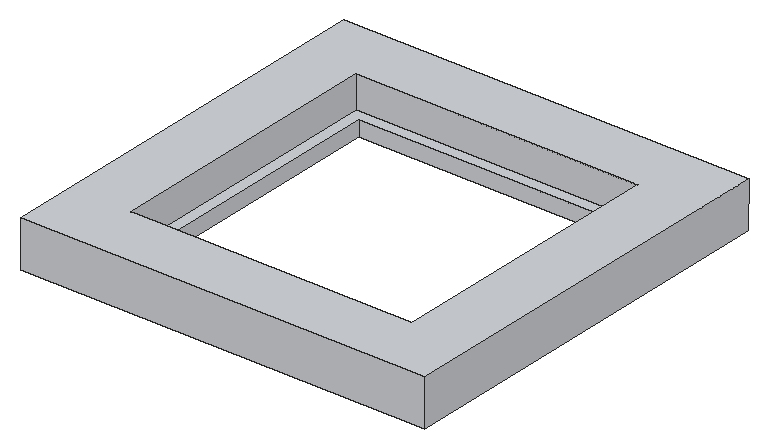
Revit family "Gira_021123", category Electrical Fixtures, host Face, Revit 2017
Family settings
  Host = Face
  Maintain Annotation Orientation = No
  Round Connector Dimension = Use Diameter
  Part Type = Normal
  Cut with Voids When Loaded = No
  Shared = No
  Room Calculation Point = No
Parameters (values of type "Abdeckrahmen 1f Gira E2 Anthrazit")
  Werkstoffgüte = "Thermoplast"
  Werkstoff = "Kunststoff"
  URL = "http://katalog.gira.de/de_DE/datenblatt.html?artikelnr=021123"
  Transparent = "No"
  Textfeld/Beschriftungsfläche = "No"
  Schutzart (IP) = "IP20"
  Region = "DE"
  Oberfläche = "sonstige"
  Name = "Abdeckrahmen 1f Gira E2 Anthrazit"
  Montagerichtung = "horizontal und vertikal"
  Mit Montagerahmen = "No"
  Mit Klappdeckel = "No"
  Manufacturer URL = "https://www.gira.de/"
  Keynote = "E2_Rahmen_1fach"
  HeinzeBIM = "https://bimportal.heinze.de/bim/abdeckrahmen-1f-gira-e2-anthrazit/ddd2e86515712e84c8fa99e65678dd5719140cca"
  Halogenfrei = "Yes"
  HAN = "021123"
  Geeignet für Unterputz-Installation = "Yes"
  Geeignet für Unterflurkanaldose = "No"
  Geeignet für Geräteeinbaukanal = "No"
  Geeignet für Einbauinstallation = "No"
  GTIN = "4010337211235"
  Farbe = "anthrazit"
  Default Elevation = 1219.2 mm
  Data sheet (1) = "https://katalog.gira.de/de_DE/download.html?artikelnr=021123"
  Category = "Abdeckrahmen"
  Befestigungsart = "Klemmbefestigung"
  Available = "Yes"
  Anzahl der Einheiten vertikal = "1 "
  Anzahl der Einheiten horizontal = "1 "
  Anzahl der Einheiten = "1 "
Reference planes
  plane 1 "Center (Front/Back)": y = 0
  plane 2: z = 0
  plane 3 "Center (Left/Right)": x = 0
Forms (mm)
  Extrusion 1, solid, detail levels fine
    sketch origin (0, 0, 0) x (1, 0, 0) y (0, 1, 0)
      loop
        line (40.4, 40.4) -> (-40.4, 40.4) -> (-40.4, -40.4) -> (40.4, -40.4) -> (40.4, 40.4)
      loop
        line (-28.152, 28.1) -> (-28.152, -28.152) -> (28.1, -28.152) -> (28.1, 28.1) -> (-28.152, 28.1)
    from 0 to 9.3
  Extrusion 2, solid, detail levels fine
    sketch origin (0, 0, 0) x (1, 0, 0) y (0, 1, 0)
      loop
        line (-28.152, -28.152) -> (28.1, -28.152) -> (28.1, 28.1) -> (-28.152, 28.1) -> (-28.152, -28.152)
      loop
        line (25.7, -25.7) -> (25.7, 25.7) -> (-25.7, 25.7) -> (-25.7, -25.7) -> (25.7, -25.7)
    from 0 to 3
  Extrusion 3, solid, detail levels coarse+medium
    sketch origin (0, 0, 0) x (1, 0, 0) y (0, 1, 0)
      loop
        line (40.4, 40.4) -> (-40.4, 40.4) -> (-40.4, -40.4) -> (40.4, -40.4) -> (40.4, 40.4)
    from 0 to 9.3
Lines and regions (mm)
  reference lines
    curve 1: line (0, 40.4, 0) -> (0, -40.4, 0)
Dimensions and locks
  aligned and locked: plane 2 to host face
  aligned and locked: level to host face
